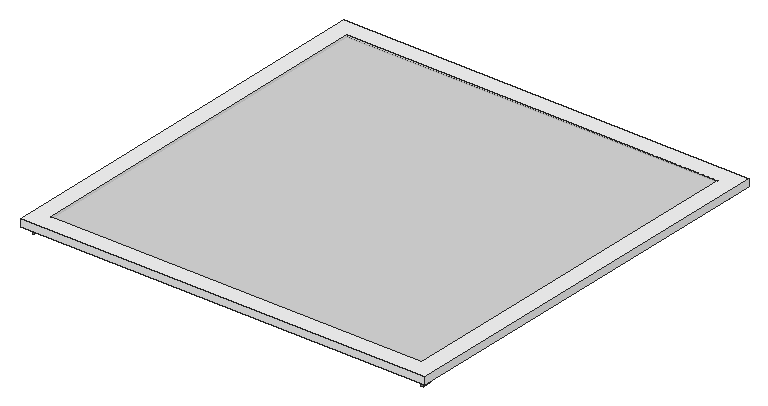
Revit family "0047444 Feilo Sylvania Lighting Fixtures START FLAT PANEL LED 600 NW DALI_1-10V", category Lighting Fixtures, host Face, Revit 2017
Family settings
  Host = Face
  Round Connector Dimension = Use Diameter
  Part Type = Normal
  OmniClass Number = 23.80.70.11.17
  OmniClass Title = Specialized Lighting by Location or Use
  Cut with Voids When Loaded = No
  Light Source = Yes
  Shared = No
  Room Calculation Point = No
Parameters (values of type "0047444 START FLAT PANEL LED 600 NW DALI/1-10V")
  Weight = "6.198 kg"
  Wattage = 0 W
  WarrantyStartDate [instance] = "n/a"
  WarrantyGuarantorParts = "n/a"
  WarrantyDurationUnit = "n/a"
  WarrantyDurationParts = "n/a"
  WarrantyDescription = "n/a"
  built-in parameter 1150110 = 1 (stored number, unit not read)
  Voltage = 230 V
  URL = "http://www.sylvania-lighting.com"
  TypeName = "START FLAT PANEL LED 600 NW DALI/1-10V"
  built-in parameter 1114217 = 1 (stored number, unit not read)
  Tilt Angle = -90.00°
  built-in parameter 1150109 = 1 (stored number, unit not read)
  built-in parameter 1150134 = 12
  built-in parameter 1150113 = 1 (stored number, unit not read)
  SerialNumber [instance] = "n/a"
  PowerFactor = 0
  PowerConsumption = "0 W"
  Photometric Web File = "0047444.ies"
  NominalWidth = 0.0 mm
  NominalLength = 595.0 mm
  NominalHeight = 10.5 mm
  Name = "START FLAT PANEL LED 600 NW DALI/1-10V"
  ModelReference = "START FLAT PANEL LED 600 NW DALI/1-10V"
  ModelNumber = "0047444"
  Material = "powder coated steel housing, acrylic pmma diffuser"
  ManufacturerName = "Feilo Sylvania"
  LuminousEfficacy = "93 lm/W"
  LuminaireType = ""
  LightOutputRatio = "100"
  LampsType = Lamp  # "Integrated LED"
  LampNominalLuminous = "3950 lm"
  LampMacAdamStep = "n/a"
  LampColourTemperature = "4000 K"
  LampColourRenderingIndex = "0"
  Keynote = "16500"
  InstallationDate [instance] = "n/a"
  InputVoltage = "220-240V~"
  InputNominalFrequency = "50/60 Hz"
  IngressProtection = "IP20"
  ImpactProtectionIndex = "IK05"
  IfcExportType = "IfcLightFixtureType"
  IfcExportAs = "IfcLightFixtureType"
  ExpectedLife = 50000
  ElectricShockClassification = "Class II"
  DurationUnit = "hours"
  DocumentationLiterature = "http://www.sylvania-lighting.com/product/en-int/products/0047444"
  DimmingControlOptions = "Dimmable"
  DiffuserMaterial = Polycarbonate_Sylvania_Startflat Panel LED_Opal
  Cutout Width = 574.0 mm
  Cutout Length = 574.0 mm
  CreatedOn = "11/30/2017"
  CreatedBy = ""
  built-in parameter 1114216 [instance] = 1 (stored number, unit not read)
  Model = "START FLAT PANEL LED 600 NW DALI/1-10V"
  Manufacturer = "Feilo-Sylvania Group"
  built-in parameter 1150105 = (empty or 0)
  Lumens = 0 lm
  built-in parameter 1150115 = 1 (stored number, unit not read)
  built-in parameter 1150137 = (empty or 0)
  built-in parameter 1150139 = (empty or 0)
  built-in parameter 1150112 = 1 (stored number, unit not read)
  built-in parameter 1150114 = 1 (stored number, unit not read)
  Lamp = "Integrated LED"  # constant formula
  built-in parameter 1150132 = 2
  built-in parameter 1150102 = (empty or 0)
  built-in parameter 1150107 = 4000 (stored number, unit not read)
  built-in parameter 1150138 = (empty or 0)
  built-in parameter 1150106 = (empty or 0)
  BodyMaterial = Metal_Sylvania_Startflat Panel LED_White
  Emit from Rectangle Width = 545.0 mm
  Emit from Rectangle Length = 545.0 mm
  Emit Shape Visible in Rendering = no
  built-in parameter 1150104 = 8.64 (stored number, unit not read)
  Dimming Lamp Color Temperature Shift = <None>
  Description = "Ultra thin LED Panel, excellent uniformity of light, perfect for ceilings with low voids, high efficacy.Ulta thin edgelit LED 600x600mm Panel with, excellent uniform light distribution. Acrylic PMMA diffuser optimising light output whilst reducing glare. 4239lm 93lm/W."  # constant formula
  Default Elevation = 0.0 mm
  Color Filter = 16777215
  built-in parameter 1140040 [instance] = 1
  BarCode [instance] = "n/a"
  built-in parameter 1114218 = 1 (stored number, unit not read)
  built-in parameter 1150133 = 10 (stored number, unit not read)
  AssetType = "Fixed"
  AssetIdentifier [instance] = "n/a"
  Assembly Code = "D5020200"
  Apparent Load = 0 VA
  MountingMaterial = Metal_Sylvania_Startflat Panel LED_Silver
Reference planes
  plane 1 "Center (Front/Back)": y = 0
  plane 2 "Fixture Top": z = 0
  plane 3 "Center (Left/Right)": x = 0
  plane 4: x = 295.5
  plane 5: x = -295.5
  plane 6 "Fixture Back": y = 297.5
  plane 7 "Fixture Front": y = -297.5
  plane 8 "Fixture Left": x = -297.5
  plane 9 "Fixture Right": x = 297.5
  plane 10: y = 295.5
  plane 11: y = -295.5
  plane 12: x = 272.5
  plane 13: x = -272.5
  plane 14: y = 272.5
  plane 15: y = -272.5
  plane 16: x = -287
  plane 17: x = 287
  plane 18: y = 287
  plane 19: y = -287
  plane 20 "Fixture Bottom": z = 10.5
  plane 21: z = 8.5
  plane 22: z = 6.5
  plane 23: z = -10
  plane 24: z = 2
Forms (mm)
  Extrusion 1, void
    sketch origin (0, 0, 60) x (-1, 0, 0) y (0, -1, 0)
      loop
        line (287, -287) -> (287, 287) -> (-287, 287) -> (-287, -287) -> (287, -287)
    from -70 to -60
  Extrusion 2, solid, material "Metal_Sylvania_Startflat Panel LED_White" <- "BodyMaterial", detail levels fine
    sketch origin (0, 0, 60) x (-1, 0, 0) y (0, -1, 0)
      loop
        line (297.5, -297.5) -> (297.5, 297.5) -> (-297.5, 297.5) -> (-297.5, -297.5) -> (297.5, -297.5)
      loop
        line (272.5, -272.5) -> (272.5, 272.5) -> (-272.5, 272.5) -> (-272.5, -272.5) -> (272.5, -272.5)
    from -51.5 to -49.5
  Extrusion 3, solid, material "Metal_Sylvania_Startflat Panel LED_White" <- "BodyMaterial", detail levels fine
    sketch origin (0, 0, 60) x (-1, 0, 0) y (0, -1, 0)
      loop
        line (297.5, -297.5) -> (297.5, 297.5) -> (-297.5, 297.5) -> (-297.5, -297.5) -> (297.5, -297.5)
      loop
        line (295.5, -295.5) -> (295.5, 295.5) -> (-295.5, 295.5) -> (-295.5, -295.5) -> (295.5, -295.5)
    from -60 to -51.5
  Extrusion 4, solid, material "Polycarbonate_Sylvania_Startflat Panel LED_Opal" <- "DiffuserMaterial", detail levels fine
    sketch origin (0, 0, 60) x (-1, 0, 0) y (0, -1, 0)
      loop
        line (295.5, -295.5) -> (295.5, 295.5) -> (-295.5, 295.5) -> (-295.5, -295.5) -> (295.5, -295.5)
    from -53.5 to -51.5
  Extrusion 5, solid, material "Metal_Sylvania_Startflat Panel LED_Silver" <- "MountingMaterial", detail levels fine
    sketch origin (0, 0, 60) x (-1, 0, 0) y (0, -1, 0)
      loop
        line (287, -287) -> (287, -272.5) -> (284, -272.5) -> (284, -287) -> (287, -287)
      loop
        line (-284, -287) -> (-284, -272.5) -> (-287, -272.5) -> (-287, -287) -> (-284, -287)
      loop
        line (-284, 272.5) -> (-284, 287) -> (-287, 287) -> (-287, 272.5) -> (-284, 272.5)
      loop
        line (284, 272.5) -> (287, 272.5) -> (287, 287) -> (284, 287) -> (284, 272.5)
    from -70 to -60
  Extrusion 6, solid, material "Metal_Sylvania_Startflat Panel LED_White" <- "BodyMaterial", detail levels fine
    sketch origin (0, 0, 60) x (-1, 0, 0) y (0, -1, 0)
      loop
        line (297.5, -297.5) -> (297.5, 297.5) -> (-297.5, 297.5) -> (-297.5, -297.5) -> (297.5, -297.5)
    from -60 to -58
  Extrusion 7, solid, material "Metal_Sylvania_Startflat Panel LED_White" <- "BodyMaterial", detail levels coarse+medium
    sketch origin (0, 0, 60) x (-1, 0, 0) y (0, -1, 0)
      loop
        line (297.5, -297.5) -> (297.5, 297.5) -> (-297.5, 297.5) -> (-297.5, -297.5) -> (297.5, -297.5)
    from -60 to -49.5
Cuts and joins
  joined: Extrusion 2, Extrusion 3, Extrusion 6
Dimensions and locks
  equal spacing: plane 6 "Fixture Back", plane 1 "Center (Front/Back)", plane 7 "Fixture Front"
  locked: plane 6 "Fixture Back" to plane 7 "Fixture Front" at 595
  equal spacing: plane 8 "Fixture Left", plane 3 "Center (Left/Right)", plane 9 "Fixture Right"
  locked: plane 8 "Fixture Left" to plane 9 "Fixture Right" at 595
  locked: plane 8 "Fixture Left" to plane 5 at 2
  locked: plane 4 to plane 9 "Fixture Right" at 2
  locked: plane 6 "Fixture Back" to plane 10 at 2
  locked: plane 11 to plane 7 "Fixture Front" at 2
  locked: plane 12 to plane 9 "Fixture Right" at 25
  locked: plane 8 "Fixture Left" to plane 13 at 25
  locked: plane 6 "Fixture Back" to plane 14 at 25
  locked: plane 15 to plane 7 "Fixture Front" at 25
  equal spacing: plane 16, plane 3 "Center (Left/Right)", plane 17
  "Cutout Length": plane 16 to plane 17
  equal spacing: plane 18, plane 1 "Center (Front/Back)", plane 19
  "Cutout Width": plane 18 to plane 19
  locked: plane 20 "Fixture Bottom" to plane 2 "Fixture Top" at 10.5
  plane 20 "Fixture Bottom" to plane 21 to plane 22 = 2.0 mm locked, 2.0 mm locked
  locked: plane 2 "Fixture Top" to plane 23 at 10
  locked: plane 16 to Extrusion 5 sketch curve at 3
  locked: Extrusion 5 sketch curve to plane 17 at 3
  locked: plane 24 to plane 2 "Fixture Top" at 2
  aligned and locked: level to host face
  aligned and locked: imposter light to plane 1 "Center (Front/Back)"
  aligned and locked: plane 2 "Fixture Top" to Extrusion 1
  aligned and locked: Extrusion 2 sketch curve to plane 6 "Fixture Back"
  aligned and locked: plane 8 "Fixture Left" to Extrusion 2 sketch curve
  aligned and locked: plane 7 "Fixture Front" to Extrusion 2 sketch curve
  aligned and locked: Extrusion 2 sketch curve to plane 9 "Fixture Right"
  aligned and locked: Extrusion 2 sketch curve to plane 14
  aligned and locked: plane 13 to Extrusion 2 sketch curve
  aligned and locked: plane 15 to Extrusion 2 sketch curve
  aligned and locked: Extrusion 2 sketch curve to plane 12
  aligned and locked: Extrusion 3 sketch curve to Extrusion 2  (x4)
  aligned and locked: Extrusion 3 sketch curve to plane 10
  aligned and locked: plane 5 to Extrusion 3 sketch curve
  aligned and locked: plane 11 to Extrusion 3 sketch curve
  aligned and locked: Extrusion 3 sketch curve to plane 4
  aligned and locked: Extrusion 4 sketch curve to cut or joined group of Extrusion 2, Extrusion 3, Extrusion 6  (x4)
  aligned and locked: plane 16 to Extrusion 1 sketch curve
  aligned and locked: Extrusion 1 sketch curve to plane 17
  aligned and locked: Extrusion 1 sketch curve to plane 18
  aligned and locked: plane 19 to Extrusion 1 sketch curve
  aligned and locked: plane 20 "Fixture Bottom" to cut or joined group of Extrusion 2, Extrusion 3, Extrusion 6
  aligned and locked: cut or joined group of Extrusion 2, Extrusion 3, Extrusion 6 to plane 21
  aligned and locked: plane 21 to cut or joined group of Extrusion 2, Extrusion 3, Extrusion 6
  aligned and locked: cut or joined group of Extrusion 2, Extrusion 3, Extrusion 6 to plane 2 "Fixture Top"
  aligned and locked: plane 21 to Extrusion 4
  aligned and locked: Extrusion 4 to plane 22
  aligned and locked: level to plane 2 "Fixture Top"
  aligned and locked: plane 3 "Center (Left/Right)" to imposter light
  aligned and locked: plane 20 "Fixture Bottom" to imposter light
  aligned and locked: Extrusion 5 sketch curve to plane 18  (x2)
  aligned and locked: plane 16 to Extrusion 5 sketch curve
  aligned and locked: cut or joined group of Extrusion 2, Extrusion 3, Extrusion 6 to Extrusion 5 sketch curve  (x3)
  aligned and locked: plane 14 to Extrusion 5 sketch curve
  aligned and locked: Extrusion 5 sketch curve to plane 17  (x2)
  aligned and locked: plane 19 to Extrusion 5 sketch curve
  aligned and locked: Extrusion 5 sketch curve to plane 19
  aligned and locked: Extrusion 5 sketch curve to plane 16
  aligned and locked: Extrusion 5 to plane 23
  aligned and locked: Extrusion 5 sketch curve to Extrusion 5 sketch curve  (x2)
  aligned and locked: Extrusion 6 sketch curve to cut or joined group of Extrusion 2, Extrusion 3, Extrusion 6  (x4)
  aligned and locked: Extrusion 6 to plane 2 "Fixture Top"
  aligned and locked: plane 24 to Extrusion 6
  aligned and locked: plane 2 "Fixture Top" to Extrusion 5
  aligned and locked: Extrusion 7 sketch curve to cut or joined group of Extrusion 2, Extrusion 3, Extrusion 6  (x4)
  aligned and locked: Extrusion 7 to plane 2 "Fixture Top"
  aligned and locked: plane 20 "Fixture Bottom" to Extrusion 7
  aligned and locked: Extrusion 1 to Extrusion 5
Automatic sketch dimensions
  host sketch curve to host sketch curve = 1461.012 mm
  host sketch curve to host sketch curve = 1283.632 mm
Connectors
  electrical at (0, 0, 0), driven by "Apparent Load"
    settings: on cut or joined group of Extrusion 2, Extrusion 3, Extrusion 6, index 1, voltage 230 V, apparent load 0 VA, apparent load phase1 0 VA, apparent load phase2 0 VA, apparent load phase3 0 VA, power factor 1, load classification "Lighting", number of poles 1, system type 31, power factor state 1, is connector primary yes, connector utility no, sub classification motor no, connector description ""
